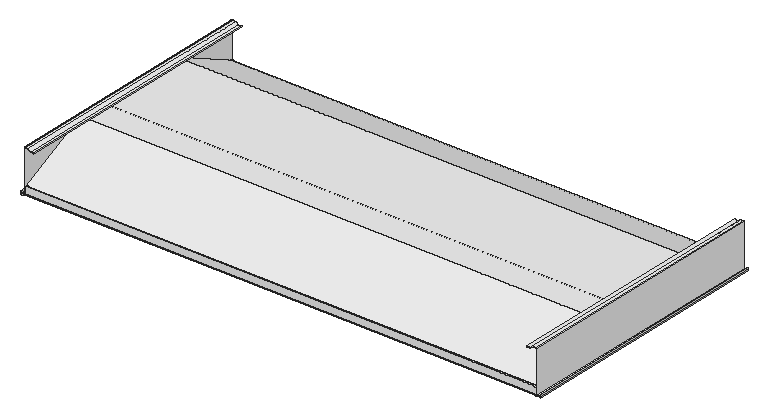
Revit family "BVL2x2_2x4", category Lighting Fixtures, host Ceiling, Revit 2019
Family settings
  Host = Ceiling
  Round Connector Dimension = Use Diameter
  Part Type = Normal
  OmniClass Number = 23.80.70.11.14.17
  OmniClass Title = Direct/Indirect
  Always vertical = Yes
  Cut with Voids When Loaded = No
  Light Source = Yes
  Shared = No
  Room Calculation Point = No
Parameters (values of type "BVL2X4-LED840K070LUNV")
  Width = 1' - 11 3/4"
  Wattage = 60 W
  built-in parameter 1150110 = 1 (stored number, unit not read)
  Voltage = 120 V
  URL = "https://www.viscor.com/en/products/bvl"
  built-in parameter 1114217 = 0.9 (stored number, unit not read)
  Tilt Angle = 90.00°
  built-in parameter 1150109 = 1 (stored number, unit not read)
  built-in parameter 1150134 = 12
  built-in parameter 1150113 = 1 (stored number, unit not read)
  Photometric Web File = "BVL2X4-LED840K070LUNV.ies"
  Model = "BVL"  # constant formula
  Manufacturer = "VISIONEERING by VISCOR"  # constant formula
  Lumens = 7080 lm
  built-in parameter 1150115 = 1 (stored number, unit not read)
  built-in parameter 1150105 = 563.41 (stored number, unit not read)
  built-in parameter 1150137 = (empty or 0)
  built-in parameter 1150139 = (empty or 0)
  Lens Finish = Acrylic - Viscor - Frosted White
  Lens Depth = 0' - 0 1/32"
  Length = 3' - 11 3/4"
  Lamp Wattage = 60 VA
  built-in parameter 1150112 = 1 (stored number, unit not read)
  built-in parameter 1150114 = 1 (stored number, unit not read)
  Lamp = "LED"  # constant formula
  built-in parameter 1150132 = (empty or 0)
  built-in parameter 1150102 = (empty or 0)
  built-in parameter 1150138 = (empty or 0)
  built-in parameter 1150107 = 4000 (stored number, unit not read)
  built-in parameter 1150106 = 5.6341 (stored number, unit not read)
  Housing Finish = Metal - Viscor - White
  Emit from Rectangle Width = Width  # 1' - 11 3/4"
  Emit from Rectangle Length = Length  # 3' - 11 3/4"
  Emit from Rectangle Height = Lens Depth  # 0' - 0 1/32"
  Emit Shape Visible in Rendering = no
  built-in parameter 1150104 = 10.963 (stored number, unit not read)
  Dimming Lamp Color Temperature Shift = <None>
  Description = "Architectural Recessed Troffer"  # constant formula
  Color Filter = 16777215
  built-in parameter 1114218 = 1 (stored number, unit not read)
  built-in parameter 1150133 = 10 (stored number, unit not read)
  Assembly Code = "D5020200"
  Apparent Load = Lamp Wattage  # 60 VA
Types (11): name | Wattage | Photometric Web File | Lumens | built-in parameter 1150105 | Length | Lamp Wattage | built-in parameter 1150106 | Emit from Rectangle Length | built-in parameter 1150104 | Apparent Load
  (no name) | 60 W | "BVL2X4-LED840K070LUNV.ies" | 7080 lm | 563.41 (stored number, unit not read) | 3' - 11 3/4" | 60 VA | 5.6341 (stored number, unit not read) | 3' - 11 3/4" | 10.963 (stored number, unit not read) | 60 VA
  BVL2X2-LED840K035LUNV | 30 W | "BVL2X2-LED840K035LUNV.ies" | 3510 lm | 279.32 (stored number, unit not read) | 1' - 11 3/4" | 30 VA | 2.7932 (stored number, unit not read) | 1' - 11 3/4" | 10.87 (stored number, unit not read) | 30 VA
  BVL2X4-LED840K042LUNV | 34 W | "BVL2X4-LED840K042LUNV.ies" | 4250 lm | 338.2 (stored number, unit not read) | 3' - 11 3/4" | 34 VA | 3.382 (stored number, unit not read) | 3' - 11 3/4" | 11.613 (stored number, unit not read) | 34 VA
  BVL2X2-LED840K025LUNV | 21 W | "BVL2X2-LED840K025LUNV.ies" | 2562 lm | 203.88 (stored number, unit not read) | 1' - 11 3/4" | 21 VA | 2.0388 (stored number, unit not read) | 1' - 11 3/4" | 11.334 (stored number, unit not read) | 21 VA
  BVL2X2-LED840K042LUNV | 37 W | "BVL2X2-LED840K042LUNV.ies" | 4255 lm | 338.6 (stored number, unit not read) | 1' - 11 3/4" | 37 VA | 3.386 (stored number, unit not read) | 1' - 11 3/4" | 10.684 (stored number, unit not read) | 37 VA
  BVL2X2-LED840K050LUNV | 43 W | "BVL2X2-LED840K050LUNV.ies" | 5031 lm | 400.35 (stored number, unit not read) | 1' - 11 3/4" | 43 VA | 4.0035 (stored number, unit not read) | 1' - 11 3/4" | 10.87 (stored number, unit not read) | 43 VA
  BVL2X4-LED840K025LUNV | 21 W | "BVL2X4-LED840K025LUNV.ies" | 2562 lm | 203.88 (stored number, unit not read) | 3' - 11 3/4" | 21 VA | 2.0388 (stored number, unit not read) | 3' - 11 3/4" | 11.334 (stored number, unit not read) | 21 VA
  BVL2X4-LED840K035LUNV | 28 W | "BVL2X4-LED840K035LUNV.ies" | 3528 lm | 280.75 (stored number, unit not read) | 3' - 11 3/4" | 28 VA | 2.8075 (stored number, unit not read) | 3' - 11 3/4" | 11.706 (stored number, unit not read) | 28 VA
  BVL2X4-LED840K050LUNV | 41 W | "BVL2X4-LED840K050LUNV.ies" | 5002 lm | 398.05 (stored number, unit not read) | 3' - 11 3/4" | 41 VA | 3.9805 (stored number, unit not read) | 3' - 11 3/4" | 11.334 (stored number, unit not read) | 41 VA
  BVL2X4-LED840K060LUNV | 50 W | "BVL2X4-LED840K060LUNV.ies" | 6000 lm | 477.46 (stored number, unit not read) | 3' - 11 3/4" | 50 VA | 4.7746 (stored number, unit not read) | 3' - 11 3/4" | 11.148 (stored number, unit not read) | 50 VA
  BVL2X4-LED840K070LUNV | 60 W | "BVL2X4-LED840K070LUNV.ies" | 7080 lm | 563.41 (stored number, unit not read) | 3' - 11 3/4" | 60 VA | 5.6341 (stored number, unit not read) | 3' - 11 3/4" | 10.963 (stored number, unit not read) | 60 VA
Reference planes (in)
  plane 1 "Light Source Axis (F/B)": y = 0
  plane 2 "Ceiling": z = 96
  plane 3 "Light Source Axis (L/R)": x = 0
  plane 4 "Light Source Elevation": z = 95.96875
  plane 5: y = 11.875
  plane 6: y = -11.875
  plane 7: x = -23.875
  plane 8: x = 23.875
  plane 9 "Lens Depth": z = 95.96875
  plane 10: x = -23.46875
  plane 11: x = 23.46875
  plane 12: x = -23.40625
  plane 13: x = 23.40625
Forms (in)
  Extrusion 1, solid, material "Metal - Viscor - White" <- "Housing Finish"
    sketch origin (0, 0, 0) x (1, 0, 0) y (0, 0, 1)
      loop
        arc (-23.87475, 96.069) -> (-23.85454, 96.02021) -> (-23.80575, 96) r 0.069
        line (-23.80575, 96) -> (-23.53775, 96)
        arc (-23.53775, 96) -> (-23.48896, 96.02021) -> (-23.46875, 96.069) r 0.069
        line (-23.46875, 96.069) -> (-23.46875, 99.898)
        arc (-23.46875, 99.898) -> (-23.45733, 99.92558) -> (-23.42975, 99.937) r 0.039
        line (-23.42975, 99.937) -> (-23.15675, 99.937) -> (-22.92539, 99.76377)
        arc (-22.92539, 99.76377) -> (-22.90582, 99.75353) -> (-22.88403, 99.75) r 0.069
        line (-22.88403, 99.75) -> (-22.595, 99.75) -> (-22.595, 99.78125) -> (-22.8966, 99.78125) -> (-23.14635, 99.96825) -> (-23.42975, 99.96825)
        arc (-23.42975, 99.96825) -> (-23.47942, 99.94767) -> (-23.5, 99.898) r 0.07025
        line (-23.5, 99.898) -> (-23.5, 96.069)
        arc (-23.5, 96.069) -> (-23.51106, 96.04231) -> (-23.53775, 96.03125) r 0.03775
        line (-23.53775, 96.03125) -> (-23.80575, 96.03125)
        arc (-23.80575, 96.03125) -> (-23.83244, 96.04231) -> (-23.8435, 96.069) r 0.03775
        line (-23.8435, 96.069) -> (-23.8435, 96.25) -> (-23.87475, 96.25) -> (-23.87475, 96.069)
    from -11.875 to 11.875
  Extrusion 2, solid, material "Metal - Viscor - White" <- "Housing Finish"
    sketch origin (0, 0, 0) x (-1, 0, 0) y (0, 0, -1)
      loop
        line (-23.87475, -96.069) -> (-23.87475, -96.25) -> (-23.8435, -96.25) -> (-23.8435, -96.069)
        arc (-23.8435, -96.069) -> (-23.83244, -96.04231) -> (-23.80575, -96.03125) r 0.03775
        line (-23.80575, -96.03125) -> (-23.53775, -96.03125)
        arc (-23.53775, -96.03125) -> (-23.51106, -96.04231) -> (-23.5, -96.069) r 0.03775
        line (-23.5, -96.069) -> (-23.5, -99.898)
        arc (-23.5, -99.898) -> (-23.47942, -99.94767) -> (-23.42975, -99.96825) r 0.07025
        line (-23.42975, -99.96825) -> (-23.14635, -99.96825) -> (-22.8966, -99.78125) -> (-22.595, -99.78125) -> (-22.595, -99.75) -> (-22.88403, -99.75)
        arc (-22.88403, -99.75) -> (-22.90582, -99.75353) -> (-22.92539, -99.76377) r 0.069
        line (-22.92539, -99.76377) -> (-23.15675, -99.937) -> (-23.42975, -99.937)
        arc (-23.42975, -99.937) -> (-23.45733, -99.92558) -> (-23.46875, -99.898) r 0.039
        line (-23.46875, -99.898) -> (-23.46875, -96.069)
        arc (-23.46875, -96.069) -> (-23.48896, -96.02021) -> (-23.53775, -96) r 0.069
        line (-23.53775, -96) -> (-23.80575, -96)
        arc (-23.80575, -96) -> (-23.85454, -96.02021) -> (-23.87475, -96.069) r 0.069
    from -11.875 to 11.875
  Extrusion 3, solid, material "Metal - Viscor - White" <- "Housing Finish"
    sketch origin (0, 0, 0) x (0, 1, 0) y (0, 0, 1)
      loop
        arc (11.7505, 96) -> (11.79434, 96.01816) -> (11.8125, 96.062) r 0.062
        line (11.8125, 96.062) -> (11.8125, 96.71099)
        arc (11.8125, 96.71099) -> (11.80298, 96.74401) -> (11.77733, 96.76688) r 0.062
        line (11.77733, 96.76688) -> (5.5625, 99.75) -> (-5.5625, 99.75) -> (-11.77733, 96.76688)
        arc (-11.77733, 96.76688) -> (-11.80298, 96.74401) -> (-11.8125, 96.71099) r 0.062
        line (-11.8125, 96.71099) -> (-11.8125, 96.062)
        arc (-11.8125, 96.062) -> (-11.79434, 96.01816) -> (-11.7505, 96) r 0.062
        line (-11.7505, 96) -> (-11.4375, 96) -> (-11.4375, 96.03125) -> (-11.7505, 96.03125)
        arc (-11.7505, 96.03125) -> (-11.77224, 96.04026) -> (-11.78125, 96.062) r 0.03075
        line (-11.78125, 96.062) -> (-11.78125, 96.71099)
        arc (-11.78125, 96.71099) -> (-11.77653, 96.72736) -> (-11.76381, 96.73871) r 0.03075
        line (-11.76381, 96.73871) -> (-5.55539, 99.71875) -> (5.55539, 99.71875) -> (11.76381, 96.73871)
        arc (11.76381, 96.73871) -> (11.77653, 96.72736) -> (11.78125, 96.71099) r 0.03075
        line (11.78125, 96.71099) -> (11.78125, 96.062)
        arc (11.78125, 96.062) -> (11.77224, 96.04026) -> (11.7505, 96.03125) r 0.03075
        line (11.7505, 96.03125) -> (11.4375, 96.03125) -> (11.4375, 96) -> (11.7505, 96)
    from -23.46875 to 23.46875
  Extrusion 4, solid, material "Metal - Viscor - White" <- "Housing Finish"
    sketch origin (0, 0, 0) x (0, 1, 0) y (0, 0, 1)
      loop
        line (2.47528, 99.727) -> (1.54298, 99.34083)
        arc (1.54298, 99.34083) -> (1.52462, 99.32908) -> (1.51146, 99.3117) r 0.062
        line (1.51146, 99.3117) -> (0.62504, 97.572) -> (0.62504, 97.322) -> (0.65629, 97.322) -> (0.65629, 97.5645) -> (1.54446, 99.30762) -> (2.48149, 99.69575) -> (3.02504, 99.69575) -> (3.02504, 99.727) -> (2.47528, 99.727)
    from -23.40625 to 23.40625
  Extrusion 5, solid, material "Metal - Viscor - White" <- "Housing Finish"
    sketch origin (0, 0, 0) x (0, -1, 0) y (0, 0, -1)
      loop
        line (2.47528, -99.727) -> (3.02504, -99.727) -> (3.02504, -99.69575) -> (2.48149, -99.69575) -> (1.54446, -99.30762) -> (0.65629, -97.5645) -> (0.65629, -97.322) -> (0.62504, -97.322) -> (0.62504, -97.572) -> (1.51146, -99.3117)
        arc (1.51146, -99.3117) -> (1.52462, -99.32908) -> (1.54298, -99.34083) r 0.062
        line (1.54298, -99.34083) -> (2.47528, -99.727)
    from -23.40625 to 23.40625
  Extrusion 6, solid, material "Metal - Viscor - White" <- "Housing Finish"
    sketch origin (0, 0, 0) x (0, 1, 0) y (0, 0, 1)
      loop
        line (0.625, 97.345) -> (0.625, 97.908) -> (0.59375, 97.908) -> (0.59375, 97.345)
        arc (0.59375, 97.345) -> (0.61433, 97.29533) -> (0.664, 97.27475) r 0.07025
        line (0.664, 97.27475) -> (-0.664, 97.273)
        arc (-0.664, 97.273) -> (-0.61433, 97.29533) -> (-0.59375, 97.345) r 0.07025
        line (-0.59375, 97.345) -> (-0.59375, 97.908) -> (-0.625, 97.908) -> (-0.625, 97.345)
        arc (-0.625, 97.345) -> (-0.63642, 97.31742) -> (-0.664, 97.306) r 0.039
        line (-0.664, 97.306) -> (-1.0265, 97.306)
        arc (-1.0265, 97.306) -> (-1.0545, 97.278) -> (-1.0265, 97.25) r 0.028
        line (-1.0265, 97.25) -> (1.0265, 97.25)
        arc (1.0265, 97.25) -> (1.0545, 97.278) -> (1.0265, 97.306) r 0.028
        line (1.0265, 97.306) -> (0.664, 97.306)
        arc (0.664, 97.306) -> (0.63642, 97.31742) -> (0.625, 97.345) r 0.039
    from -23.40625 to 23.40625
  Extrusion 7, void
    sketch origin (0, 0, 96) x (1, 0, 0) y (0, 1, 0)
      loop
        line (-23.875, -11.875) -> (23.875, -11.875) -> (23.875, 11.875) -> (-23.875, 11.875) -> (-23.875, -11.875)
    from -0.37748 to 4.45884
  Extrusion 8, solid, material "Acrylic - Viscor - Frosted White" <- "Lens Finish"
    sketch origin (0, 0, 0) x (0, 1, 0) y (0, 0, 1)
      loop
        line (11.60123, 96.00486) -> (11.60964, 96.07335) -> (0.69163, 97.41391) -> (0.68322, 97.34543) -> (11.60123, 96.00486)
    from -23.46875 to 23.46875
  Extrusion 9, solid, material "Acrylic - Viscor - Frosted White" <- "Lens Finish"
    sketch origin (0, 0, 0) x (0, -1, 0) y (0, 0, -1)
      loop
        line (11.60123, -96.00486) -> (0.68322, -97.34543) -> (0.69163, -97.41391) -> (11.60964, -96.07335) -> (11.60123, -96.00486)
    from -23.46875 to 23.46875
Dimensions and locks (in)
  equal spacing: host sketch curve, plane 3 "Light Source Axis (L/R)", host sketch curve
  equal spacing: host sketch curve, plane 1 "Light Source Axis (F/B)", host sketch curve
  host sketch curve to host sketch curve = 10' - 0"  (x2)
  equal spacing: plane 7, plane 3 "Light Source Axis (L/R)", plane 8
  "Length": plane 7 to plane 8
  equal spacing: plane 5, plane 1 "Light Source Axis (F/B)", plane 6
  "Width": plane 5 to plane 6
  "Emit from Rectangle Height": plane 4 "Light Source Elevation" to plane 2 "Ceiling"
  "Lens Depth": plane 2 "Ceiling" to plane 9 "Lens Depth"
  locked: plane 7 to plane 10 at 0.40625
  locked: plane 11 to plane 8 at 0.40625
  locked: plane 7 to plane 12 at 0.46875
  locked: plane 13 to plane 8 at 0.46875
  aligned and locked: plane 3 "Light Source Axis (L/R)" to imposter light
  aligned and locked: plane 1 "Light Source Axis (F/B)" to imposter light
  aligned and locked: plane 4 "Light Source Elevation" to imposter light
  aligned and locked: plane 5 to Extrusion 1
  aligned and locked: Extrusion 1 to plane 6
  aligned and locked: plane 5 to Extrusion 2
  aligned and locked: Extrusion 2 to plane 6
  aligned and locked: Extrusion 3 to plane 10
  aligned and locked: Extrusion 3 to plane 11
  aligned and locked: plane 12 to Extrusion 4
  aligned and locked: Extrusion 4 to plane 13
  aligned and locked: plane 12 to Extrusion 5
  aligned and locked: Extrusion 5 to plane 13
  aligned and locked: Extrusion 7 to plane 6
  aligned and locked: plane 5 to Extrusion 7
  aligned and locked: Extrusion 7 to plane 7
  aligned and locked: plane 8 to Extrusion 7
  aligned and locked: plane 12 to Extrusion 6
  aligned and locked: Extrusion 6 to plane 13
  aligned and locked: Extrusion 8 to plane 10
  aligned and locked: Extrusion 8 to plane 11
  aligned and locked: plane 10 to Extrusion 9
  aligned and locked: Extrusion 9 to plane 11
Automatic sketch dimensions
  Extrusion 1 sketch curve to Extrusion 1 sketch curve = 0' - 0"  (x6)
  Extrusion 1 sketch curve to plane 2 "Ceiling" = 0' - 0"
  Extrusion 1 sketch curve to plane 10 = 0' - 0"
  Extrusion 1 sketch curve to Extrusion 1 sketch curve = 0' - 0 1/32"  (x2)
  Extrusion 1 sketch curve to Extrusion 1 sketch curve = 0' - 0.03775"
  plane 7 to Extrusion 1 sketch curve = 0' - 0.06925"
  plane 7 to Extrusion 1 sketch curve = 0' - 0.0315"
  Extrusion 1 sketch curve to plane 12 = 0' - 0.0235"
  plane 12 to Extrusion 1 sketch curve = 0' - 0.2495"
  Extrusion 1 sketch curve to Extrusion 1 sketch curve = 0' - 0.0104"
  Extrusion 1 sketch curve to Extrusion 1 sketch curve = 0' - 0.23136"
  Extrusion 1 sketch curve to Extrusion 1 sketch curve = 0' - 0.02879"
  Extrusion 1 sketch curve to Extrusion 1 sketch curve = 0' - 0.01257"
  Extrusion 1 sketch curve to Extrusion 1 sketch curve = 0' - 0.28903"
  Extrusion 1 sketch curve to Extrusion 1 sketch curve = 0' - 0.181"
  Extrusion 1 sketch curve to Extrusion 1 sketch curve = 0' - 3 1/2"
  Extrusion 1 sketch curve to Extrusion 1 sketch curve = 0' - 0.01377"
  Extrusion 1 sketch curve to Extrusion 1 sketch curve = 0' - 0.13423"
  Extrusion 2 sketch curve to Extrusion 2 sketch curve = 0' - 0"  (x6)
  Extrusion 2 sketch curve to plane 2 "Ceiling" = 0' - 0"
  Extrusion 2 sketch curve to plane 11 = 0' - 0"
  Extrusion 2 sketch curve to plane 11 = 0' - 0 1/32"
  Extrusion 2 sketch curve to Extrusion 2 sketch curve = 0' - 0.03775"
  plane 8 to Extrusion 2 sketch curve = 0' - 0.06925"
  plane 8 to Extrusion 2 sketch curve = 0' - 0.0315"
  Extrusion 2 sketch curve to plane 13 = 0' - 0.0235"
  plane 13 to Extrusion 2 sketch curve = 0' - 0.2495"
  Extrusion 2 sketch curve to Extrusion 2 sketch curve = 0' - 0.0104"
  Extrusion 2 sketch curve to Extrusion 2 sketch curve = 0' - 0.23136"
  Extrusion 2 sketch curve to Extrusion 2 sketch curve = 0' - 0.02879"
  Extrusion 2 sketch curve to Extrusion 2 sketch curve = 0' - 0.01257"
  Extrusion 2 sketch curve to Extrusion 2 sketch curve = 0' - 0.28903"
  Extrusion 2 sketch curve to Extrusion 2 sketch curve = 0' - 0.181"
  Extrusion 2 sketch curve to Extrusion 2 sketch curve = 0' - 3 1/2"
  Extrusion 2 sketch curve to Extrusion 2 sketch curve = 0' - 0.01377"
  Extrusion 2 sketch curve to Extrusion 2 sketch curve = 0' - 0 1/32"
  Extrusion 2 sketch curve to Extrusion 2 sketch curve = 0' - 0.13423"
  Extrusion 3 sketch curve to Extrusion 3 sketch curve = 0' - 0"  (x8)
  Extrusion 3 sketch curve to plane 2 "Ceiling" = 0' - 0"  (x2)
  plane 6 to Extrusion 3 sketch curve = 0' - 0 1/16"
  Extrusion 3 sketch curve to Extrusion 3 sketch curve = 0' - 0 1/32"  (x2)
  Extrusion 3 sketch curve to Extrusion 3 sketch curve = 0' - 0 1/256"
  Extrusion 3 sketch curve to Extrusion 3 sketch curve = 0' - 0.01352"  (x2)
  Extrusion 3 sketch curve to Extrusion 3 sketch curve = 0' - 0.03075"  (x3)
  Extrusion 3 sketch curve to Extrusion 3 sketch curve = 0' - 0.313"
  plane 1 "Light Source Axis (F/B)" to Extrusion 3 sketch curve = 0' - 5 9/16"
  Extrusion 3 sketch curve to Extrusion 3 sketch curve = 0' - 0.00711"  (x2)
  Extrusion 3 sketch curve to plane 1 "Light Source Axis (F/B)" = 0' - 5.55539"
  plane 2 "Ceiling" to Extrusion 3 sketch curve = 0' - 0 1/32"
  Extrusion 3 sketch curve to plane 5 = 0' - 0 7/16"
  plane 2 "Ceiling" to Extrusion 3 sketch curve = 0' - 0.062"
  Extrusion 3 sketch curve to plane 5 = 0' - 0.1245"
  Extrusion 3 sketch curve to Extrusion 3 sketch curve = 0' - 0.01331"
  Extrusion 3 sketch curve to Extrusion 3 sketch curve = 0' - 0.64899"  (x2)
  plane 2 "Ceiling" to Extrusion 3 sketch curve = 0' - 3 23/32"
  Extrusion 4 sketch curve to plane 1 "Light Source Axis (F/B)" = 0' - 0.62504"
  Extrusion 4 sketch curve to Extrusion 4 sketch curve = 0' - 0 1/32"  (x2)
  Extrusion 4 sketch curve to plane 1 "Light Source Axis (F/B)" = 0' - 1.51146"
  Extrusion 4 sketch curve to Extrusion 4 sketch curve = 0' - 0.03152"
  Extrusion 4 sketch curve to Extrusion 4 sketch curve = 0' - 0.03299"
  Extrusion 4 sketch curve to Extrusion 4 sketch curve = 0' - 0.02225"
  Extrusion 4 sketch curve to Extrusion 4 sketch curve = 0' - 0.9323"
  Extrusion 4 sketch curve to Extrusion 4 sketch curve = 0' - 0.00622"
  Extrusion 4 sketch curve to Extrusion 4 sketch curve = 0' - 0.54355"
  plane 2 "Ceiling" to Extrusion 4 sketch curve = 0' - 1.322"
  Extrusion 4 sketch curve to Extrusion 4 sketch curve = 0' - 0.2425"
  Extrusion 4 sketch curve to Extrusion 4 sketch curve = 0' - 0.0075"
  Extrusion 4 sketch curve to Extrusion 4 sketch curve = 0' - 1.71905"
  Extrusion 4 sketch curve to Extrusion 4 sketch curve = 0' - 0.02407"
  Extrusion 4 sketch curve to Extrusion 4 sketch curve = 0' - 0.00408"
  Extrusion 4 sketch curve to Extrusion 4 sketch curve = 0' - 0.4122"
  Extrusion 5 sketch curve to plane 1 "Light Source Axis (F/B)" = 0' - 0.62504"
  Extrusion 5 sketch curve to Extrusion 5 sketch curve = 0' - 0 1/32"  (x2)
  Extrusion 5 sketch curve to plane 1 "Light Source Axis (F/B)" = 0' - 1.51146"
  Extrusion 5 sketch curve to Extrusion 5 sketch curve = 0' - 0.03152"
  Extrusion 5 sketch curve to Extrusion 5 sketch curve = 0' - 0.03299"
  Extrusion 5 sketch curve to Extrusion 5 sketch curve = 0' - 0.02225"
  Extrusion 5 sketch curve to Extrusion 5 sketch curve = 0' - 0.9323"
  Extrusion 5 sketch curve to Extrusion 5 sketch curve = 0' - 0.00622"
  Extrusion 5 sketch curve to Extrusion 5 sketch curve = 0' - 0.54355"
  Extrusion 5 sketch curve to plane 2 "Ceiling" = 0' - 1.322"
  Extrusion 5 sketch curve to Extrusion 5 sketch curve = 0' - 0.2425"
  Extrusion 5 sketch curve to Extrusion 5 sketch curve = 0' - 0.0075"
  Extrusion 5 sketch curve to Extrusion 5 sketch curve = 0' - 1.71905"
  Extrusion 5 sketch curve to Extrusion 5 sketch curve = 0' - 0.02407"
  Extrusion 5 sketch curve to Extrusion 5 sketch curve = 0' - 0.00408"
  Extrusion 5 sketch curve to Extrusion 5 sketch curve = 0' - 0.4122"
  Extrusion 6 sketch curve to Extrusion 6 sketch curve = 0' - 0"  (x6)
  plane 1 "Light Source Axis (F/B)" to Extrusion 6 sketch curve = 0' - 1.0265"
  Extrusion 6 sketch curve to Extrusion 6 sketch curve = 0' - 0.3625"  (x2)
  Extrusion 6 sketch curve to Extrusion 6 sketch curve = 0' - 0.039"  (x2)
  Extrusion 6 sketch curve to Extrusion 6 sketch curve = 0' - 0 1/32"  (x2)
  Extrusion 6 sketch curve to plane 1 "Light Source Axis (F/B)" = 0' - 0 19/32"
  plane 2 "Ceiling" to Extrusion 6 sketch curve = 0' - 1 1/4"
  Extrusion 6 sketch curve to Extrusion 6 sketch curve = 0' - 0.028"  (x2)
  Extrusion 6 sketch curve to Extrusion 6 sketch curve = 0' - 0.563"  (x2)
  Extrusion 6 sketch curve to Extrusion 6 sketch curve = 0' - 0.00175"
  Extrusion 7 sketch curve to plane 5 = 0' - 0"
  Extrusion 7 sketch curve to plane 7 = 0' - 0"
  Extrusion 7 sketch curve to plane 8 = 0' - 0"
  Extrusion 7 sketch curve to plane 6 = 0' - 0"
  Extrusion 8 sketch curve to plane 1 "Light Source Axis (F/B)" = 0' - 0.68322"
  Extrusion 8 sketch curve to Extrusion 8 sketch curve = 0' - 0.00841"
  plane 2 "Ceiling" to Extrusion 8 sketch curve = 0' - 0.00486"
  Extrusion 8 sketch curve to plane 5 = 0' - 0.27377"
  Extrusion 8 sketch curve to Extrusion 8 sketch curve = 0' - 0.06849"
  Extrusion 9 sketch curve to plane 1 "Light Source Axis (F/B)" = 0' - 0.68322"
  Extrusion 9 sketch curve to Extrusion 9 sketch curve = 0' - 0.00841"
  Extrusion 9 sketch curve to plane 2 "Ceiling" = 0' - 0.00486"
  Extrusion 9 sketch curve to plane 6 = 0' - 0.27377"
  Extrusion 9 sketch curve to Extrusion 9 sketch curve = 0' - 0.06849"
Connectors (in)
  electrical at (0, 0, 96), driven by "Voltage", driven by "Apparent Load"
    settings: index 1, voltage 120 V, apparent load 0 VA, apparent load phase1 60 VA, apparent load phase2 0 VA, apparent load phase3 0 VA, power factor 1, load classification "Other", number of poles 1, system type 31, power factor state 1, is connector primary yes, connector utility no, sub classification motor no, connector description ""
